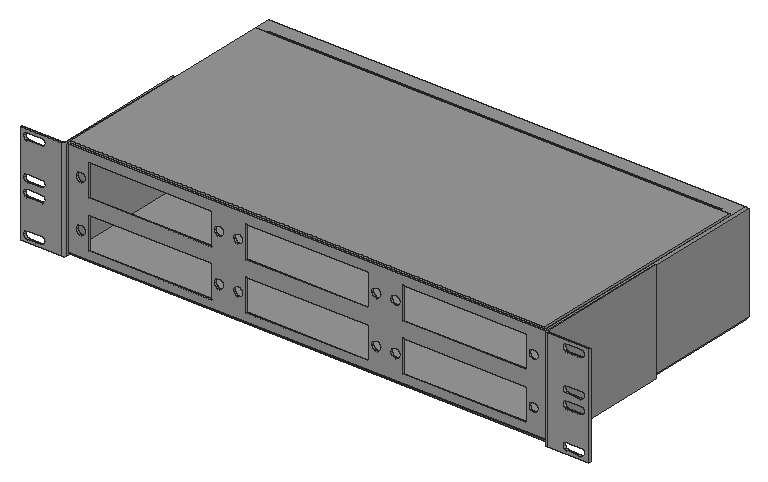
Revit family "ITK_Кросс оптический_19-дюймовое крепление_2U", category Обобщенные модели, Revit 2019
Family settings
  Может служить основой для арматурных стержней = Нет
  Размер круглого соединителя = Использовать диаметр
  Тип детали = Нормальный
  На основе рабочей плоскости = Нет
  Всегда вертикально = Да
  При загрузке вырезать с полостями = Нет
  Общий = Нет
  Точка расчета площади = Нет
Parameters (values of type "FOBX48-2U-000")
  Степень защиты = ""
  Изготовитель = "ITK"  # constant formula
  Дата изменения = ""
  Тип монтажа = "19-дюймовое крепление"
  URL = "https://www.iek.ru/"
  KSI_CPr_Строительные изделия = "26.30.40.61.1.04.09-1081 26.30.40.61.1.04.09-1082 26.30.40.61.1.04.09-1083"
  KSI_CMa_Строительные материалы = "10.03.02.06"  # constant formula
  IEK_Цена за единицу = 2741.45
  IEK_Поиск в таблице имен = ""
  IEK_Описание = "Высокое качество материалов.\r\nУвеличенный срок эксплуатации.\r\nНадежная защита волокон от внешних механических воздействий и попадания внутрь посторонних предметов.\r\nСоответствие международным стандартам и ГОСТ Р.\r\nУдобство монтажа и эксплуатации."
  IEK_URL = "https://www.itk-group.ru/produktsiya/catalog/oborudovanie_telekommunikatsionnoe/komponenty_sks_opticheskie/komponenty_sks_opticheskie/opticheskie_krossy_19/itk_2u_opticheskiy_raspredelitelnyy_kross_do_48_portov_bez_planok_pod_8p_6sht"
  ADSK_Примечание = ""
  ADSK_Позиция [instance] = ""
  ADSK_Наименование = "ITK 2U Оптический распределительный кросс до 48 портов (без планок, под 8п-6шт)"
  ADSK_Материал обозначение = ""
  ADSK_Материал наименование = "Листовая сталь"  # constant formula
  ADSK_Масса = 3
  ADSK_Марка = ""
  ADSK_Код изделия = "FOBX48-2U-000"
  ADSK_Завод-изготовитель = "IEK"  # constant formula
  ADSK_Единица измерения = "шт"  # constant formula
  ADSK_Группирование = "I. ЩИТЫ И ПУЛЬТЫ"  # constant formula
  ADSK_Версия семейства = "1.0"  # constant formula
  ADSK_Версия Revit = "2019"  # constant formula
  ADSK_URL страницы изделия = "https://www.itk-group.ru/produktsiya/catalog/oborudovanie_telekommunikatsionnoe/komponenty_sks_opticheskie/komponenty_sks_opticheskie/opticheskie_krossy_19/"
Reference planes
  plane 1 "По центру (Вперед/Назад)": y = 0
  plane 2: z = 0
  plane 3 "По центру (Влево/Вправо)": x = 0
Forms (mm)
  Extrusion 1, solid, material "Окраска - RAL 7035", detail levels fine
    sketch origin (0, 0, 0) x (1, 0, 0) y (0, 1, 0)
      loop
        line (-205, 1.5) -> (-240, 1.5) -> (-240, 0) -> (-205, 0)
        arc (-205, 0) -> (-203.232, 0.732) -> (-202.5, 2.5) r 2.5
        line (-202.5, 2.5) -> (-202.5, 116) -> (-204, 116) -> (-204, 2.5)
        arc (-204, 2.5) -> (-204.293, 1.793) -> (-205, 1.5) r 1
      loop
        line (204, 2.5) -> (204, 116) -> (202.5, 116) -> (202.5, 2.5)
        arc (202.5, 2.5) -> (203.232, 0.732) -> (205, 0) r 2.5
        line (205, 0) -> (240, 0) -> (240, 1.5) -> (205, 1.5)
        arc (205, 1.5) -> (204.293, 1.793) -> (204, 2.5) r 1
    from 0 to 85.75
  Extrusion 2, void
    sketch origin (0, 0, 0) x (1, 0, 0) y (0, 0, 1)
      loop
        arc (-233.5, 40.5) -> (-235.798, 39.548) -> (-236.75, 37.25) r 3.25
        arc (-236.75, 37.25) -> (-235.798, 34.952) -> (-233.5, 34) r 3.25
        line (-233.5, 34) -> (-222, 34)
        arc (-222, 34) -> (-218.75, 37.25) -> (-222, 40.5) r 3.25
        line (-222, 40.5) -> (-233.5, 40.5)
      loop
        arc (-233.5, 9) -> (-235.798, 8.048) -> (-236.75, 5.75) r 3.25
        arc (-236.75, 5.75) -> (-235.798, 3.452) -> (-233.5, 2.5) r 3.25
        line (-233.5, 2.5) -> (-222, 2.5)
        arc (-222, 2.5) -> (-218.75, 5.75) -> (-222, 9) r 3.25
        line (-222, 9) -> (-233.5, 9)
      loop
        arc (222, 40.5) -> (218.75, 37.25) -> (222, 34) r 3.25
        line (222, 34) -> (233.5, 34)
        arc (233.5, 34) -> (235.798, 34.952) -> (236.75, 37.25) r 3.25
        arc (236.75, 37.25) -> (235.798, 39.548) -> (233.5, 40.5) r 3.25
        line (233.5, 40.5) -> (222, 40.5)
      loop
        arc (222, 9) -> (218.75, 5.75) -> (222, 2.5) r 3.25
        line (222, 2.5) -> (233.5, 2.5)
        arc (233.5, 2.5) -> (235.798, 3.452) -> (236.75, 5.75) r 3.25
        arc (236.75, 5.75) -> (235.798, 8.048) -> (233.5, 9) r 3.25
        line (233.5, 9) -> (222, 9)
    from 0 to -3
  Extrusion 3, solid, material "Окраска - RAL 7035", detail levels fine
    sketch origin (0, 0, 0) x (1, 0, 0) y (0, 0, 1)
      loop
        line (202.5, 84.25) -> (-202.5, 84.25) -> (-202.5, 3) -> (202.5, 3) -> (202.5, 84.25)
    from -3 to -215
  Blend 4, solid, material "Окраска - RAL 7035", detail levels fine
    base sketch origin (0, 0, 0) x (1, 0, 0) y (0, 1, 0)
      loop
        line (-202.5, 215) -> (-202.5, 3) -> (202.5, 3) -> (202.5, 215) -> (-202.5, 215)
    top sketch origin (0, 0, 0) x (1, 0, 0) y (0, 1, 0)
      loop
        line (201.5, 214) -> (-201.5, 214) -> (-201.5, 4) -> (201.5, 4) -> (201.5, 214)
    from 84.25 to 85.75
  Blend 5, solid, material "Окраска - RAL 7035", detail levels fine
    base sketch origin (0, 0, -80) x (1, 0, 0) y (0, 1, 0)
      loop
        line (-202.5, 215) -> (-202.5, 3) -> (202.5, 3) -> (202.5, 215) -> (-202.5, 215)
    top sketch origin (0, 0, -80) x (1, 0, 0) y (0, 1, 0)
      loop
        line (201.5, 214) -> (-201.5, 214) -> (-201.5, 4) -> (201.5, 4) -> (201.5, 214)
    from 82.25 to 80.75
  Extrusion 6, void
    sketch origin (0, 0, 0) x (1, 0, 0) y (0, 1, 0)
      loop
        line (201.5, 214) -> (-201.5, 214) -> (-201.5, 4) -> (201.5, 4) -> (201.5, 214)
    from 3 to 84.25
  Extrusion 7, void
    sketch origin (0, 0, 0) x (1, 0, 0) y (0, 0, 1)
      loop
        line (-184.8, 9.6) -> (-80.6, 9.6) -> (-80.6, 36.9) -> (-184.8, 36.9) -> (-184.8, 9.6)
      loop
        line (-52.1, 36.9) -> (-52.1, 9.6) -> (52.1, 9.6) -> (52.1, 36.9) -> (-52.1, 36.9)
      loop
        line (80.6, 36.9) -> (80.6, 9.6) -> (184.8, 9.6) -> (184.8, 36.9) -> (80.6, 36.9)
      loop
        circle (-190.937, 23.247) r 3.921
      loop
        circle (-74.23, 23.247) r 3.921
      loop
        circle (-58.134, 23.247) r 3.921
      loop
        circle (58.47, 23.247) r 3.921
      loop
        circle (74.566, 23.247) r 3.921
      loop
        circle (191.17, 23.247) r 3.921
      loop
        line (-184.8, 49.6) -> (-80.6, 49.6) -> (-80.6, 76.9) -> (-184.8, 76.9) -> (-184.8, 49.6)
      loop
        line (-52.1, 76.9) -> (-52.1, 49.6) -> (52.1, 49.6) -> (52.1, 76.9) -> (-52.1, 76.9)
      loop
        line (80.6, 76.9) -> (80.6, 49.6) -> (184.8, 49.6) -> (184.8, 76.9) -> (80.6, 76.9)
      loop
        circle (-190.937, 63.247) r 3.921
      loop
        circle (-74.23, 63.247) r 3.921
      loop
        circle (-58.134, 63.247) r 3.921
      loop
        circle (58.47, 63.247) r 3.921
      loop
        circle (74.566, 63.247) r 3.921
      loop
        circle (191.17, 63.247) r 3.921
    from 0 to -10
  Extrusion 8, void
    sketch origin (0, 0, 0) x (1, 0, 0) y (0, 0, 1)
      loop
        line (110.6, 33.75) -> (100.1, 33.75)
        arc (100.1, 33.75) -> (98.686, 33.164) -> (98.1, 31.75) r 2
        arc (98.1, 31.75) -> (98.686, 30.336) -> (100.1, 29.75) r 2
        line (100.1, 29.75) -> (110.6, 29.75)
        arc (110.6, 29.75) -> (112.6, 31.75) -> (110.6, 33.75) r 2
      loop
        line (75.1, 33.75) -> (64.6, 33.75)
        arc (64.6, 33.75) -> (63.186, 33.164) -> (62.6, 31.75) r 2
        arc (62.6, 31.75) -> (63.186, 30.336) -> (64.6, 29.75) r 2
        line (64.6, 29.75) -> (75.1, 29.75)
        arc (75.1, 29.75) -> (77.1, 31.75) -> (75.1, 33.75) r 2
      loop
        line (110.6, 16.75) -> (100.1, 16.75)
        arc (100.1, 16.75) -> (98.686, 16.164) -> (98.1, 14.75) r 2
        arc (98.1, 14.75) -> (98.686, 13.336) -> (100.1, 12.75) r 2
        line (100.1, 12.75) -> (110.6, 12.75)
        arc (110.6, 12.75) -> (112.6, 14.75) -> (110.6, 16.75) r 2
      loop
        line (75.1, 16.75) -> (64.6, 16.75)
        arc (64.6, 16.75) -> (63.186, 16.164) -> (62.6, 14.75) r 2
        arc (62.6, 14.75) -> (63.186, 13.336) -> (64.6, 12.75) r 2
        line (64.6, 12.75) -> (75.1, 12.75)
        arc (75.1, 12.75) -> (77.1, 14.75) -> (75.1, 16.75) r 2
      loop
        line (52.1, 9.6) -> (52.1, 36.9) -> (-52.1, 36.9) -> (-52.1, 9.6) -> (52.1, 9.6)
      loop
        line (-64.6, 33.75) -> (-75.1, 33.75)
        arc (-75.1, 33.75) -> (-76.514, 33.164) -> (-77.1, 31.75) r 2
        arc (-77.1, 31.75) -> (-76.514, 30.336) -> (-75.1, 29.75) r 2
        line (-75.1, 29.75) -> (-64.6, 29.75)
        arc (-64.6, 29.75) -> (-62.6, 31.75) -> (-64.6, 33.75) r 2
      loop
        line (-100.1, 33.75) -> (-110.6, 33.75)
        arc (-110.6, 33.75) -> (-112.014, 33.164) -> (-112.6, 31.75) r 2
        arc (-112.6, 31.75) -> (-112.014, 30.336) -> (-110.6, 29.75) r 2
        line (-110.6, 29.75) -> (-100.1, 29.75)
        arc (-100.1, 29.75) -> (-98.1, 31.75) -> (-100.1, 33.75) r 2
      loop
        line (-100.1, 16.75) -> (-110.6, 16.75)
        arc (-110.6, 16.75) -> (-112.014, 16.164) -> (-112.6, 14.75) r 2
        arc (-112.6, 14.75) -> (-112.014, 13.336) -> (-110.6, 12.75) r 2
        line (-110.6, 12.75) -> (-100.1, 12.75)
        arc (-100.1, 12.75) -> (-98.1, 14.75) -> (-100.1, 16.75) r 2
      loop
        line (-64.6, 16.75) -> (-75.1, 16.75)
        arc (-75.1, 16.75) -> (-76.514, 16.164) -> (-77.1, 14.75) r 2
        arc (-77.1, 14.75) -> (-76.514, 13.336) -> (-75.1, 12.75) r 2
        line (-75.1, 12.75) -> (-64.6, 12.75)
        arc (-64.6, 12.75) -> (-62.6, 14.75) -> (-64.6, 16.75) r 2
      loop
        circle (152.763, 30.687) r 1.987
      loop
        circle (152.763, 15.687) r 1.987
      loop
        circle (182.995, 15.693) r 1.269
      loop
        circle (-152.763, 30.687) r 1.987
      loop
        circle (-152.763, 15.687) r 1.987
      loop
        circle (-182.995, 15.693) r 1.269
      loop
        line (110.6, 73.75) -> (100.1, 73.75)
        arc (100.1, 73.75) -> (98.686, 73.164) -> (98.1, 71.75) r 2
        arc (98.1, 71.75) -> (98.686, 70.336) -> (100.1, 69.75) r 2
        line (100.1, 69.75) -> (110.6, 69.75)
        arc (110.6, 69.75) -> (112.6, 71.75) -> (110.6, 73.75) r 2
      loop
        line (75.1, 73.75) -> (64.6, 73.75)
        arc (64.6, 73.75) -> (63.186, 73.164) -> (62.6, 71.75) r 2
        arc (62.6, 71.75) -> (63.186, 70.336) -> (64.6, 69.75) r 2
        line (64.6, 69.75) -> (75.1, 69.75)
        arc (75.1, 69.75) -> (77.1, 71.75) -> (75.1, 73.75) r 2
      loop
        line (110.6, 56.75) -> (100.1, 56.75)
        arc (100.1, 56.75) -> (98.686, 56.164) -> (98.1, 54.75) r 2
        arc (98.1, 54.75) -> (98.686, 53.336) -> (100.1, 52.75) r 2
        line (100.1, 52.75) -> (110.6, 52.75)
        arc (110.6, 52.75) -> (112.6, 54.75) -> (110.6, 56.75) r 2
      loop
        line (75.1, 56.75) -> (64.6, 56.75)
        arc (64.6, 56.75) -> (63.186, 56.164) -> (62.6, 54.75) r 2
        arc (62.6, 54.75) -> (63.186, 53.336) -> (64.6, 52.75) r 2
        line (64.6, 52.75) -> (75.1, 52.75)
        arc (75.1, 52.75) -> (77.1, 54.75) -> (75.1, 56.75) r 2
      loop
        line (52.1, 49.6) -> (52.1, 76.9) -> (-52.1, 76.9) -> (-52.1, 49.6) -> (52.1, 49.6)
      loop
        line (-64.6, 73.75) -> (-75.1, 73.75)
        arc (-75.1, 73.75) -> (-76.514, 73.164) -> (-77.1, 71.75) r 2
        arc (-77.1, 71.75) -> (-76.514, 70.336) -> (-75.1, 69.75) r 2
        line (-75.1, 69.75) -> (-64.6, 69.75)
        arc (-64.6, 69.75) -> (-62.6, 71.75) -> (-64.6, 73.75) r 2
      loop
        line (-100.1, 73.75) -> (-110.6, 73.75)
        arc (-110.6, 73.75) -> (-112.014, 73.164) -> (-112.6, 71.75) r 2
        arc (-112.6, 71.75) -> (-112.014, 70.336) -> (-110.6, 69.75) r 2
        line (-110.6, 69.75) -> (-100.1, 69.75)
        arc (-100.1, 69.75) -> (-98.1, 71.75) -> (-100.1, 73.75) r 2
      loop
        line (-100.1, 56.75) -> (-110.6, 56.75)
        arc (-110.6, 56.75) -> (-112.014, 56.164) -> (-112.6, 54.75) r 2
        arc (-112.6, 54.75) -> (-112.014, 53.336) -> (-110.6, 52.75) r 2
        line (-110.6, 52.75) -> (-100.1, 52.75)
        arc (-100.1, 52.75) -> (-98.1, 54.75) -> (-100.1, 56.75) r 2
      loop
        line (-64.6, 56.75) -> (-75.1, 56.75)
        arc (-75.1, 56.75) -> (-76.514, 56.164) -> (-77.1, 54.75) r 2
        arc (-77.1, 54.75) -> (-76.514, 53.336) -> (-75.1, 52.75) r 2
        line (-75.1, 52.75) -> (-64.6, 52.75)
        arc (-64.6, 52.75) -> (-62.6, 54.75) -> (-64.6, 56.75) r 2
      loop
        circle (152.763, 70.687) r 1.987
      loop
        circle (152.763, 55.687) r 1.987
      loop
        circle (182.995, 55.693) r 1.269
      loop
        circle (-152.763, 70.687) r 1.987
      loop
        circle (-152.763, 55.687) r 1.987
      loop
        circle (-182.995, 55.693) r 1.269
    from -215 to -214
  Extrusion 9, solid, material "Окраска - RAL 7035", detail levels fine
    sketch origin (0, 0, 0) x (1, 0, 0) y (0, 1, 0)
      loop
        line (-200.05, 198.542) -> (-200.05, 3.85) -> (199.95, 3.85) -> (199.95, 198.542) -> (-200.05, 198.542)
    from 85.75 to 87.25
  Extrusion 10, solid, material "Окраска - RAL 7035", detail levels fine
    sketch origin (0, 0, 44.25) x (0, 1, 0) y (0, 0, 1)
      loop
        line (198.542, 41.5) -> (204.737, 38.845)
        arc (204.737, 38.845) -> (205.56, 38.587) -> (206.418, 38.5) r 4.266
        line (206.418, 38.5) -> (213.85, 38.5) -> (213.85, 40) -> (206.457, 40)
        arc (206.457, 40) -> (205.862, 40.06) -> (205.292, 40.239) r 2.958
        line (205.292, 40.239) -> (199.51, 42.717) -> (198.542, 43) -> (198.542, 41.5)
    from -190 to 190
  Extrusion 11, void
    sketch origin (0, 0, 43) x (1, 0, 0) y (0, 0, 1)
      loop
        arc (-233.5, 40.5) -> (-235.798, 39.548) -> (-236.75, 37.25) r 3.25
        arc (-236.75, 37.25) -> (-235.798, 34.952) -> (-233.5, 34) r 3.25
        line (-233.5, 34) -> (-222, 34)
        arc (-222, 34) -> (-218.75, 37.25) -> (-222, 40.5) r 3.25
        line (-222, 40.5) -> (-233.5, 40.5)
      loop
        arc (-233.5, 9) -> (-235.798, 8.048) -> (-236.75, 5.75) r 3.25
        arc (-236.75, 5.75) -> (-235.798, 3.452) -> (-233.5, 2.5) r 3.25
        line (-233.5, 2.5) -> (-222, 2.5)
        arc (-222, 2.5) -> (-218.75, 5.75) -> (-222, 9) r 3.25
        line (-222, 9) -> (-233.5, 9)
      loop
        arc (222, 40.5) -> (218.75, 37.25) -> (222, 34) r 3.25
        line (222, 34) -> (233.5, 34)
        arc (233.5, 34) -> (235.798, 34.952) -> (236.75, 37.25) r 3.25
        arc (236.75, 37.25) -> (235.798, 39.548) -> (233.5, 40.5) r 3.25
        line (233.5, 40.5) -> (222, 40.5)
      loop
        arc (222, 9) -> (218.75, 5.75) -> (222, 2.5) r 3.25
        line (222, 2.5) -> (233.5, 2.5)
        arc (233.5, 2.5) -> (235.798, 3.452) -> (236.75, 5.75) r 3.25
        arc (236.75, 5.75) -> (235.798, 8.048) -> (233.5, 9) r 3.25
        line (233.5, 9) -> (222, 9)
    from 0 to -3
  Extrusion 12, solid, detail levels coarse+medium
    sketch origin (0, 0, 0) x (1, 0, 0) y (0, 1, 0)
      loop
        line (-202.5, 215) -> (-202.5, 0) -> (202.355, 0) -> (202.355, 215) -> (-202.5, 215)
    from 0 to 87.25
Cuts and joins
  Extrusion 2, Extrusion 11 cuts Extrusion 1
  Extrusion 6, Extrusion 7, Extrusion 8 cuts Extrusion 3
  Extrusion 6, Extrusion 7 cuts Blend 4
  Extrusion 6 cuts Blend 5
Dimensions and locks
  aligned and locked: level to plane 2
